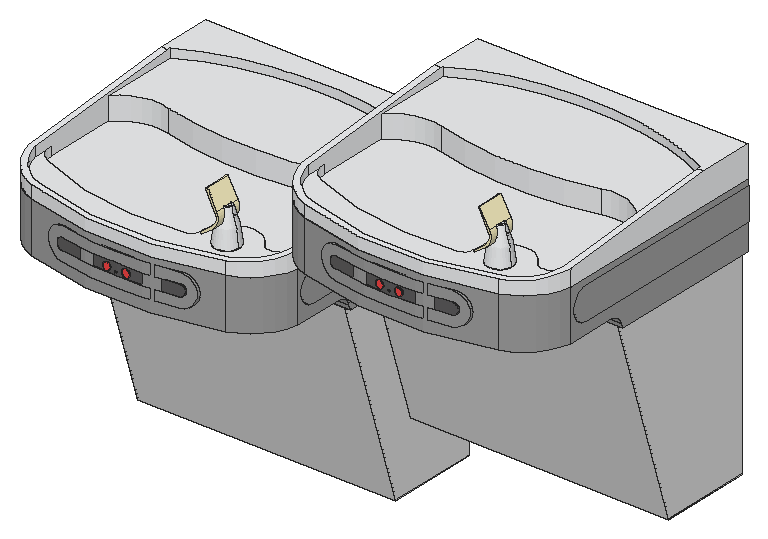
Revit family "Dual_Hands-free_Activation_Bi-level_ADA_Cooler-Elkay-LZOOSTL8LC", category Plumbing Fixtures, Revit 2022
Family settings
  Round Connector Dimension = Use Diameter
  Part Type = Normal
  OmniClass Number = 23.65.70.14.11
  OmniClass Title = Drinking Fountains/Coolers
  Work Plane-Based = No
  Always vertical = Yes
  Cut with Voids When Loaded = No
  Maintain Annotation Orientation = No
  Shared = No
  Room Calculation Point = No
Parameters (values of type "LZOOSTL8LC  (Dual Hands-free Activation Wall Mount Bi-level ADA Cooler)")
  sensor button = 0.000"
  Waste Connection = no
  Voltage = 115 V
  URL = "https://www.elkay.com/us/en.html"
  Right Hand masking region = yes
  Right Hand Version_Fine Detail = yes
  Repair Parts URL = "https://www.elkayfiles.com/care-cleaning-install-warranty-sheets/1000005928.pdf"
  Product data URL = "https://bimobject.com/elkay/product/Lzoostl8lc"
  Product Weight (lbs) = 63
  Product Page URL = "https://www.elkay.com/products/details/lzoostl8lc"
  Product Installation Sheet URL = "https://www.elkayfiles.com/care-cleaning-install-warranty-sheets/1000005928.pdf"
  Product Documentation Link = "https://www.elkayfiles.com/spec-sheets/lzoostl8lc_spec.pdf"
  Power Factor = 1
  Outlet Connection Size (inch) = "1.5"
  Number of Poles = 1
  Mounting Type = "Wall Mount (On Wall)"
  Modified Date = ""
  Model = "LZOOSTL8LC"
  Material_Wrapper = Finish-Elkay-Light Gray(1)
  Material_Shroud = Finish-Elkay-Light Gray
  Masking Arc Radius = 21.000"
  Masking A2 = 21.01042"
  Masking A1 = 21.44354"
  Manufacturer Brand = "Elkay (by Zurn Elkay Water Solutions)"  # constant formula
  Manufacturer = "Elkay Manufacturer Company"  # constant formula
  Main Material = Finish-Elkay-Steel
  Right Hand Version = yes
  Installation Location = "Indoor"
  Inlet Connection Size (inch) = 0.375"
  Electrical connection distance from center = 0.000"
  Dimensions (L x W x H) = "\"36 3/4 inch x 19 inch x 25 5/16 inch\""
  Description = "Dual Hands-free Activation Bi-level ADA Cooler Filtered Refrigerated Light Gray"
  Default Elevation = 0.000"
  Date Created = "12/20/2025"  # constant formula
  Current = 0 A
  Connector Supply A = 0.375"
  Connector Outlet B = 1.500"
  Chilling Capacity(GPH) = 8
  CW Connection = no
  Assembly Code = "D2010.60"
  Approx. Shipping Weight (lbs) = 74
  Activation Method = "Electronic Sensor Bubbler"
Reference planes (in)
  plane 1 "Center (Front/Back)": y = 0
  plane 2: z = 0
  plane 3 "Center (Left/Right)": x = 0
  plane 4: z = 13.72819
  plane 5: z = 20.28134
  plane 6: y = -16.15
  plane 7: x = -3.875
  plane 8: z = 18.72819
  plane 9: y = -3.50315
  plane 10: y = -7.23664
  plane 11: x = -8.79
  plane 12: z = 9.375
  plane 13: z = 6.5
  plane 14: x = -2
  plane 15: z = 4.9375
  plane 16: x = -4.4822
  plane 17: x = -9.79
  plane 18: x = -22.16331
  plane 19: y = 0
  plane 20: y = -0.11259
  plane 21: y = -17.38175
  plane 22: x = -18.41437
  plane 23 "Center L/X": z = -12.5
  plane 24 "Center L/Y": z = 24.31
  plane 25 "Center L/Z": z = 25.64699
  plane 26: x = -18.58
  plane 27: x = 9.2126
  plane 28: x = -27.7926
  plane 29: z = 10.43
  plane 30: x = -17.71
  plane 31: y = -16.0315
  plane 32: x = 5.08484
  plane 33: y = -15.67829
  plane 34: x = -13.4755
  plane 35: y = -6.24243
  plane 36: x = -27.37
  plane 37: x = 9.79
  plane 38: z = 5.40502
  plane 39: x = 18.58
  plane 40: x = 12.83
  plane 41: z = 4.9375
  plane 42: x = -3.07087
  plane 43: x = 0.875
  plane 44: x = 0.875
Forms (in)
  Extrusion 1, solid, material "Finish-Elkay-Tansparent-Glass"
    sketch origin (0, 0, 0) x (1, 0, 0) y (0, 0, 1)
      loop
        circle (-3.875, 9.375) r 0.75
    from 0.03937 to 0
  Extrusion 2, solid, material "Finish-Elkay-Tansparent-Glass"
    sketch origin (0, 0, 0) x (1, 0, 0) y (0, 0, 1)
      loop
        circle (-2, 6.5) r 0.1875
    from 0 to 0.03937
  Extrusion 3, solid, material "Finish-Elkay-Tansparent-Glass"
    sketch origin (0, 0, 0) x (1, 0, 0) y (0, 0, 1)
      loop
        circle (0.875, 4.9375) r 0.25
    from 0 to 0.03937
Lines and regions (in)
  Masking region 1, visible <- "Right Hand masking region"
    outline origin (18.58, 0, 0) x (1, 0, 0) y (0, 1, 0)
      loop
        line (9.2126, 0) -> (-27.7926, 0) -> (-27.7926, -17.42265)
        arc (-27.7926, -17.42265) -> (-18.7867, -19.42804) -> (-9.79, -17.38175) r 21.01042
        line (-9.79, -17.38175) -> (-8.6804, -17.38175)
        arc (-8.6804, -17.38175) -> (0.29165, -19.22051) -> (9.2126, -17.14799) r 21.44354
        line (9.2126, -17.14799) -> (9.2126, 0)
  Masking region 2, visible <- "Right Hand masking region", detail levels fine
    outline origin (18.58781, 0, 0) x (1, 0, 0) y (0, 1, 0)
      loop
        circle (-13.4755, -16.0315) r 0.83191
      loop
        circle (5.11609, -16.02985) r 0.832
      loop
        line (-9.37521, 0) -> (-9.37521, -17.38175) -> (-9.22041, -17.38175) -> (-9.22041, 0) -> (-9.37521, 0)
  Masking region 3, visible <- "Right Hand Version_Fine Detail", detail levels fine
    outline origin (18.58, 0, 0) x (1, 0, 0) y (0, 1, 0)
      loop
        line (-27.7926, 0) -> (-27.7926, -9.44898)
        arc (-27.7926, -9.44898) -> (-26.17809, -8.00388) -> (-24.01597, -7.86163) r 3.32209
        spline (-24.01597, -7.86163) -> (-23.16803, -8.07073) -> (-22.28867, -8.2438) -> (-21.38393, -8.37965) -> (-20.45999, -8.47735) -> (-19.52318, -8.53622) -> (-18.57992, -8.55588) -> (-17.63667, -8.53618) -> (-16.69987, -8.47726) -> (-15.77595, -8.37952) -> (-14.87123, -8.24364) -> (-13.99191, -8.07053) -> (-13.14399, -7.86139)
        arc (-13.14399, -7.86139) -> (-10.98209, -8.00337) -> (-9.3674, -9.44793) r 3.32235
        line (-9.3674, -9.44793) -> (-9.3674, 0) -> (-27.7926, 0)
      loop
        line (-9.2126, 0) -> (-9.2126, -9.44898)
        arc (-9.2126, -9.44898) -> (-7.59809, -8.00388) -> (-5.43597, -7.86163) r 3.32209
        spline (-5.43597, -7.86163) -> (-4.58803, -8.07073) -> (-3.70867, -8.2438) -> (-2.80393, -8.37965) -> (-1.87999, -8.47735) -> (-0.94318, -8.53622) -> (0.00008, -8.55588) -> (0.94333, -8.53618) -> (1.88013, -8.47726) -> (2.80405, -8.37952) -> (3.70877, -8.24364) -> (4.58809, -8.07053) -> (5.43601, -7.86139)
        arc (5.43601, -7.86139) -> (7.59791, -8.00337) -> (9.2126, -9.44793) r 3.32235
        line (9.2126, -9.44793) -> (9.2126, 0) -> (-9.2126, 0)
Dimensions and locks (in)
  locked: plane 4 to plane 2 at 13.72819
  locked: plane 5 to plane 4 at 6.55315
  locked: plane 6 to plane 1 "Center (Front/Back)" at 16.15
  locked: plane 7 to plane 3 "Center (Left/Right)" at 3.875
  locked: plane 5 to plane 8 at 1.55315
  locked: plane 9 to plane 1 "Center (Front/Back)" at 3.50315
  locked: plane 9 to plane 10 at 3.73349
  locked: plane 11 to plane 3 "Center (Left/Right)" at 8.79
  locked: plane 12 to plane 2 at 9.375
  locked: plane 13 to plane 2 at 6.5
  locked: plane 3 "Center (Left/Right)" to plane 14 at 2
  locked: plane 3 "Center (Left/Right)" to plane 16 at 4.4822
  locked: plane 15 to plane 2 at 4.9375
  locked: plane 17 to plane 11 at 1
  locked: plane 19 to plane 20 at 0.11259
  locked: plane 3 "Center (Left/Right)" to plane 22 at 18.41437
  locked: level to plane 23 "Center L/X" at 12.5
  locked: plane 24 "Center L/Y" to plane 23 "Center L/X" at 36.81
  locked: plane 25 "Center L/Z" to plane 24 "Center L/Y" at 1.33699
  locked: plane 19 to plane 9 at 3.50315
  locked: plane 11 to plane 27 at 18.0026
  locked: plane 28 to plane 18 at 5.62929
  locked: plane 28 to plane 14 at 25.7926
  locked: plane 28 to plane 26 at 9.2126
  plane 22 to plane 11 = 9.62437"
  plane 11 to plane 16 = 4.3078"
  locked: plane 29 to plane 23 "Center L/X" at 22.93
  locked: plane 30 to plane 26 at 0.87
  locked: plane 3 "Center (Left/Right)" to plane 32 at 5.08484
  locked: plane 10 to plane 33 at 8.44165
  locked: plane 34 to plane 17 at 3.6855
  locked: plane 1 "Center (Front/Back)" to plane 35 at 6.24243
  locked: plane 31 to plane 21 at 1.35026
  locked: plane 1 "Center (Front/Back)" to plane 21 at 17.38175
  plane 12 to plane 23 "Center L/X" = 21.875"
  plane 13 to plane 23 "Center L/X" = 19.000"
  locked: plane 37 to plane 3 "Center (Left/Right)" at 9.79
  locked: plane 1 "Center (Front/Back)" to Masking region 1 sketch curve
  locked: Masking region 1 sketch curve to plane 21
  locked: Masking region 1 sketch curve to plane 11 at 0.4226
  locked: Masking region 1 sketch curve to plane 3 "Center (Left/Right)" at 0.25443
  locked: Masking region 1 sketch curve to plane 27 at 0.4226
  locked: plane 37 to Masking region 1 sketch curve at 0.1096
  locked: Masking region 1 sketch curve to plane 1 "Center (Front/Back)" at 2.2212
  locked: Masking region 1 sketch curve to Masking region 1 sketch curve at 9.20107
  locked: Masking region 2 sketch curve to plane 31
  locked: plane 1 "Center (Front/Back)" to Masking region 2 sketch curve
  locked: Masking region 2 sketch curve to plane 27
  locked: Masking region 2 sketch curve to plane 21
  locked: plane 32 to Masking region 2 sketch curve at 0.02746
  locked: Masking region 2 sketch curve to Masking region 2 sketch curve at 0.1548
  locked: plane 31 to Masking region 2 sketch curve at 0.00164
  locked: plane 37 to Masking region 2 sketch curve at 13.91391
  locked: plane 1 "Center (Front/Back)" to Masking region 3 sketch curve  (x2)
  locked: Masking region 3 sketch curve to plane 27
  locked: plane 32 to Masking region 3 sketch curve at 1.22629
  locked: Masking region 3 sketch curve to plane 16 at 1.82866
  locked: Masking region 3 sketch curve to plane 11 at 0.4226
  locked: Masking region 3 sketch curve to Masking region 3 sketch curve at 0.1548
  locked: plane 37 to Masking region 3 sketch curve at 2.47914
  locked: Masking region 3 sketch curve to plane 10 at 3.82977  (x2)
  locked: Masking region 3 sketch curve to Masking region 3 sketch curve at 12.62199
  locked: Masking region 3 sketch curve to Masking region 3 sketch curve at 2.90147
  locked: Masking region 3 sketch curve to plane 10 at 3.82981  (x2)
  locked: Masking region 3 sketch curve to plane 10 at 2.21234  (x2)
  locked: Masking region 3 sketch curve to Masking region 3 sketch curve at 0.00105
  locked: Masking region 3 sketch curve to plane 10 at 2.21129
  locked: plane 32 to Masking region 3 sketch curve at 0.35116
  locked: Masking region 3 sketch curve to plane 3 "Center (Left/Right)" at 0.00042
  locked: Masking region 3 sketch curve to plane 10 at 0.62499  (x2)
  locked: plane 9 to Masking region 3 sketch curve at 0.6959  (x2)
  locked: Masking region 3 sketch curve to Masking region 3 sketch curve at 7.17021
  locked: Masking region 3 sketch curve to plane 10 at 0.62475
  locked: plane 41 to plane 23 "Center L/X" at 17.4375
  locked: plane 43 to plane 3 "Center (Left/Right)" at 0.875
  "Electrical connection distance from center": plane 43 to plane 44
  "Connector Outlet B": diameter of Extrusion 1 sketch curve
  "Connector Supply A": diameter of Extrusion 2 sketch curve
  "Masking A2": radius of Masking region 1 sketch curve
  "Masking A1": radius of Masking region 1 sketch curve
  aligned and locked: level to plane 2
  aligned and locked: plane 7 to Extrusion 1 sketch curve
  aligned and locked: plane 12 to Extrusion 1 sketch curve
  aligned and locked: Extrusion 1 to plane 1 "Center (Front/Back)"
  aligned and locked: plane 14 to Extrusion 2 sketch curve
  aligned and locked: plane 13 to Extrusion 2 sketch curve
  aligned and locked: Extrusion 2 to plane 1 "Center (Front/Back)"
  aligned and locked: nested 1 to plane 5
  aligned and locked: plane 41 to Extrusion 3 sketch curve
  aligned and locked: Extrusion 3 to Extrusion 1
  aligned and locked: Extrusion 2 to Extrusion 3
  aligned and locked: plane 44 to Extrusion 3 sketch curve
  aligned and locked: nested 2 to plane 39
  aligned and locked: nested 2 to plane 38
  aligned and locked: plane 3 "Center (Left/Right)" to nested 1
  aligned and locked: plane 1 "Center (Front/Back)" to nested 1
  aligned and locked: plane 1 "Center (Front/Back)" to nested 2
Automatic sketch dimensions
  radius of Masking region 2 sketch curve = 0.83191"
  radius of Masking region 2 sketch curve = 0.832"
  radius of Extrusion 3 sketch curve = 0.250"
Nested families (in)
  nested 1: "sensor cooler" at (0, 0, 13.8778), type "sensor cooler"
    with sensor buttons yes, Material_Wrapper Finish-Elkay-Light Gray1, Material_Bubbler Finish-Elkay-Tan, Material_Basin Finish-Elkay-Light Gray, Main Material Finish-Elkay-Light Gray
  nested 2: "High Right ADA Cooler" at (18.58, 0, 19.28282), visible <- "Right Hand Version", Right Hand High side model <- "Right Hand Version", type "High Right ADA Cooler"
    with Right Hand High side model yes, Material_Wrapper Finish-Elkay-Light Gray1, Material_Bubbler Finish-Elkay-Tan, Material_Basin Finish-Elkay-Light Gray, Main Material Finish-Elkay-Light Gray
Connectors (in)
  piping at (-3.875, 0, 9.375), diameter 1.5, driven by "Connector Outlet B", driven by "Waste Connection"
    settings: on Extrusion 1, index 1, connector inside diameter 24", connector length 0.000", flow factor 0, pipe flow 0 GPM, pressure drop 0.00 psi, fitting loss kfactor 0, connector angle 0.00°, fixture units 0, engagement length 0.000", angle of deflection 0.00°, flow configuration 0, flow direction 2, fitting loss method 0, system type 16, joint type 0, gender type 0, connector reference index -1, connector utility 0, adjustable connector no, is connector primary yes, connector description "Sanitary Outlet"
  piping at (-2, -0.03937, 6.5), diameter 0.375, driven by "Connector Supply A", driven by "CW Connection"
    settings: on Extrusion 2, index 2, connector inside diameter 24", connector length 0.000", flow factor 0, pipe flow 0 GPM, pressure drop 0.00 psi, fitting loss kfactor 0, connector angle 0.00°, fixture units 0, engagement length 0.000", angle of deflection 0.00°, flow configuration 0, flow direction 1, fitting loss method 0, system type 20, joint type 0, gender type 0, connector reference index -1, connector utility 0, adjustable connector no, is connector primary no, connector description "Water Supply"
  electrical at (0.875, -0.03937, 4.9375)
    settings: on Extrusion 3, index 3, voltage 115 V, apparent load 0 VA, apparent load phase1 0 VA, apparent load phase2 0 VA, apparent load phase3 0 VA, power factor 1, load classification "Power", number of poles 1, system type 30, power factor state 1, is connector primary yes, connector utility no, sub classification motor no, connector description "GFCI Receptacle"
Definition of nested family "sensor cooler"
  Parameters (values of type "sensor cooler")
    sensor buttons [instance] = yes
    Side Panel Radius = 1.10236"
    Sensor Button = none
    Repair Parts URL = ""
    Product data URL = ""
    Product Page URL = ""
    Product Installation Sheet URL = ""
    Product Documentation Link = ""
    Modified Date = ""
    Material_Wrapper [instance] = none
    Material_Bubbler [instance] = none
    Material_Basin [instance] = none
    Manufacturer Brand = ""
    Main Material [instance] = none
    Front Cut = 21.48291"
    Flow Rate (GPM) = 0 GPM
    Default Elevation = 0.000"
    Date Created = ""
    B1 = 0.98425"
    Angle1 = 107.585°
    A2 = 3.79892"
    A1 = 3.84199"
  Reference planes (in)
    plane 1 "Center (Front/Back)": y = 0
    plane 2: z = -0.14961
    plane 3 "Center (Left/Right)": x = 0
    plane 4: x = -9.17323
    plane 5: z = 4.2874
    plane 6: z = 0.85039
    plane 7: y = -19.01181
    plane 8: y = -15.0315
    plane 9: x = -9.2126
    plane 10: x = 9.2126
    plane 11: z = 1.66142
    plane 12: z = 3.86614
    plane 13: y = -14.84252
    plane 14: y = -13.73622
    plane 15: y = -19.09449
    plane 16: x = 3.96654
    plane 17: x = -3.96654
    plane 18: x = 9.17323
    plane 19: z = 6.40354
    plane 20: y = -3.70945
    plane 21 "Top": z = 12.23412
    plane 22: x = -8.74016
    plane 23: x = 8.74016
    plane 24: x = -3.07087
    plane 25: x = 3.07087
    plane 26: y = -6.23543
    plane 27: y = -16.0315
    plane 28: x = 5.0126
    plane 29: z = 2.76378
  Forms (in)
    Extrusion 1, solid, material <- "Material_Basin", detail levels fine
      sketch origin (0, 0, -0.14961) x (1, 0, 0) y (0, 1, 0)
        loop
          line (-9.17323, 0) -> (-9.17323, -15.0315)
          arc (-9.17323, -15.0315) -> (-8.28065, -16.86236) -> (-6.57758, -17.97965) r 3.84199
          arc (-6.57758, -17.97965) -> (0.01153, -19.01709) -> (6.60064, -17.97965) r 21.44354
          arc (6.60064, -17.97965) -> (8.29568, -16.86225) -> (9.17323, -15.0315) r 3.79892
          line (9.17323, -15.0315) -> (9.17323, 0) -> (-9.17323, 0)
      from 0 to 4.43701
    Extrusion 2, void
      sketch origin (0, 0, 0) x (0, -1, 0) y (0, 0, 1)
        loop
          line (20.07874, 0.85039) -> (11.63092, 0.85039)
          arc (11.63092, 0.85039) -> (11.04951, 0.66032) -> (10.69266, 0.16351) r 0.98425
          line (10.69266, 0.16351) -> (10.21909, -1.33071) -> (20.07874, -1.33071) -> (20.07874, 0.85039)
      from -9.2126 to 9.2126
    Extrusion 3, solid, material <- "Material_Basin", detail levels fine
      sketch origin (9.2126, 10.98215, 48) x (0, 1, 0) y (0, 0, 1)
        loop
          arc (-24.71837, -44.13386) -> (-25.82074, -45.23622) -> (-24.71837, -46.33858) r 1.10236
          line (-24.71837, -46.33858) -> (-10.98215, -46.33858) -> (-10.98215, -44.13386) -> (-24.71837, -44.13386)
      from 0 to -0.03937
    Extrusion 4, solid, material <- "Material_Basin", detail levels fine
      sketch origin (-9.14433, 10.98215, 48) x (0, 1, 0) y (0, 0, -1)
        loop
          line (-24.71837, 44.13386) -> (-10.98215, 44.13386) -> (-10.98215, 46.33858) -> (-24.71837, 46.33858)
          arc (-24.71837, 46.33858) -> (-25.82074, 45.23622) -> (-24.71837, 44.13386) r 1.10236
      from 0.06827 to 0.0289
    Extrusion 5, solid, material <- "Material_Basin", detail levels fine
      sketch origin (-18.25014, -19.09449, 48) x (-1, 0, 0) y (0, 0, 1)
        loop
          line (-14.28361, -44.13386) -> (-22.21668, -44.13386)
          arc (-22.21668, -44.13386) -> (-23.31904, -45.23622) -> (-22.21668, -46.33858) r 1.10236
          line (-22.21668, -46.33858) -> (-14.28361, -46.33858)
          arc (-14.28361, -46.33858) -> (-13.18124, -45.23622) -> (-14.28361, -44.13386) r 1.10236
        loop
          circle (-17.59264, -45.23622) r 0.26
        loop
          circle (-18.88264, -45.23622) r 0.26
        loop
          circle (-18.25014, -45.38622) r 0.09
        loop
          line (-14.28361, -44.83622) -> (-22.21668, -44.83622)
          arc (-22.21668, -44.83622) -> (-22.61668, -45.23622) -> (-22.21668, -45.63622) r 0.4
          line (-22.21668, -45.63622) -> (-14.28361, -45.63622)
          arc (-14.28361, -45.63622) -> (-13.88361, -45.23622) -> (-14.28361, -44.83622) r 0.4
      from 0 to 4.06299
    Extrusion 6, void
      sketch origin (0, 0, -0.14961) x (0, 1, 0) y (1, 0, 0)
        loop
          arc (-16.96151, -9.2126) -> (-19.04297, -0.00132) -> (-16.97322, 9.2126) r 21.48291
          line (-16.97322, 9.2126) -> (-19.09449, 9.2126) -> (-19.09449, -9.2126) -> (-16.96151, -9.2126)
      from -4.43701 to 0
    Extrusion 7, solid, detail levels fine
      sketch origin (0, -20.5709, 6.40354) x (0, -1, 0) y (1, 0, 0)
        loop
          line (-20.5709, 9.17323) -> (-20.5709, -9.17323) -> (-5.53941, -9.17323)
          arc (-5.53941, -9.17323) -> (-3.70854, -8.28065) -> (-2.59125, -6.57758) r 3.84199
          arc (-2.59125, -6.57758) -> (-1.55381, 0.01153) -> (-2.59125, 6.60064) r 21.44354
          arc (-2.59125, 6.60064) -> (-3.70865, 8.29568) -> (-5.53941, 9.17323) r 3.79892
          line (-5.53941, 9.17323) -> (-20.5709, 9.17323)
      from -2.11614 to 0
    Extrusion 8, void
      sketch origin (0, 0, 0) x (0, -1, 0) y (0, 0, 1)
        loop
          line (19.09449, 6.40354) -> (3.70945, 6.40354) -> (19.09449, 5.05753) -> (19.09449, 6.40354)
      from -9.2126 to 9.2126
    Sweep 9, void
      path origin (0.72234, 0, 2.88484) x (1, 0, 0) y (0, 0, 1)
        loop
          line (0, 3.5187) -> (0, 1.40256)
      profile origin (0.72234, 0, 5.34547) x (0, -1, 0) y (1, 0, 0)
        loop
          line (3.54162, -9.46243) -> (15.03152, -9.46243)
          arc (15.03152, -9.46243) -> (16.63229, -8.66494) -> (17.60903, -7.16679) r 3.40891
          arc (17.60903, -7.16679) -> (18.62552, -0.71072) -> (17.60902, 5.74535) r 21.01049
          arc (17.60902, 5.74535) -> (16.63295, 7.23493) -> (15.03344, 8.01798) r 3.36592
          line (15.03344, 8.01798) -> (3.54233, 8.01798)
          spline (3.54233, 8.01798) -> (2.94302, 6.86286) -> (2.4344, 5.54756) -> (2.0272, 4.09986) -> (1.73002, 2.55033) -> (1.54913, 0.93169) -> (1.48837, -0.72189) -> (1.549, -2.3755) -> (1.72975, -3.9942) -> (2.0268, -5.54383) -> (2.43388, -6.99166) -> (2.9424, -8.30712) -> (3.54162, -9.46243)
    Sweep 10, solid, detail levels fine
      path origin (0, 0, 0) x (1, 0, 0) y (0, 0, 1)
        loop
          line (0, 5.83465) -> (0, 3.86614)
      profile origin (0, 0, 4.85039) x (0, -1, 0) y (1, 0, 0)
        loop
          spline (3.54528, 8.74053) -> (2.94603, 7.5856) -> (2.43742, 6.27045) -> (2.0302, 4.82285) -> (1.73298, 3.27338) -> (1.55202, 1.65475) -> (1.49116, 0.00115) -> (1.55167, -1.6525) -> (1.73227, -3.27128) -> (2.02916, -4.821) -> (2.43607, -6.26895) -> (2.94439, -7.58453) -> (3.5434, -8.73997)
          line (3.5434, -8.73997) -> (8.80024, -8.73997)
          arc (8.80024, -8.73997) -> (7.87079, -7.21863) -> (7.86166, -5.43585) r 3.32209
          spline (7.86166, -5.43585) -> (8.07076, -4.58792) -> (8.24381, -3.70859) -> (8.37965, -2.80387) -> (8.47735, -1.87996) -> (8.53622, -0.94318) -> (8.55588, 0.00005) -> (8.53618, 0.94328) -> (8.47727, 1.88005) -> (8.37954, 2.80395) -> (8.24366, 3.70865) -> (8.07056, 4.58795) -> (7.86144, 5.43585)
          arc (7.86144, 5.43585) -> (7.87049, 7.21894) -> (8.80014, 8.74053) r 3.32235
          line (8.80014, 8.74053) -> (3.54528, 8.74053)
    Sweep 11, solid, detail levels fine
      path origin (0, 0, 0) x (1, 0, 0) y (0, 0, 1)
        loop
          line (0, 3.86614) -> (0, 4.85039)
      profile origin (0, 0, 4.35827) x (-1, 0, 0) y (0, -1, 0)
        loop
          arc (8.73697, 13.65465) -> (8.33521, 16.04662) -> (6.44385, 17.56507) r 3.40678
          arc (6.44385, 17.56507) -> (-0.0091, 18.58086) -> (-6.46209, 17.5654) r 21.00795
          arc (-6.46209, 17.5654) -> (-8.31956, 16.08273) -> (-8.73149, 13.74205) r 3.36021
          arc (-8.73149, 13.74205) -> (-8.4983, 14.52263) -> (-7.87516, 15.04739) r 1.42305
          arc (-7.87516, 15.04739) -> (-7.72264, 15.11543) -> (-7.56953, 15.18212) r 18.80058
          arc (-7.56953, 15.18212) -> (-7.15088, 15.20041) -> (-6.82549, 14.93634) r 0.59055
          arc (-6.82549, 14.93634) -> (-4.63653, 14.04805) -> (-3.22875, 15.9451) r 1.92913
          arc (-3.22875, 15.9451) -> (-3.08834, 16.33964) -> (-2.72163, 16.54187) r 0.59055
          arc (-2.72163, 16.54187) -> (2.68754, 16.54148) -> (7.8811, 15.02955) r 19.1631
          arc (7.8811, 15.02955) -> (8.5176, 14.47192) -> (8.73697, 13.65465) r 1.45741
    Extrusion 12, solid, detail levels coarse+medium
      sketch origin (0, -20.5709, 6.40354) x (0, -1, 0) y (1, 0, 0)
        loop
          line (-20.5709, -9.2126) -> (-5.53941, -9.2126)
          arc (-5.53941, -9.2126) -> (-3.67109, -8.31334) -> (-2.52057, -6.58836) r 3.92954
          arc (-2.52057, -6.58836) -> (-1.45319, 0) -> (-2.52057, 6.58836) r 20.86692
          arc (-2.52057, 6.58836) -> (-3.67109, 8.31334) -> (-5.53941, 9.2126) r 3.92954
          line (-5.53941, 9.2126) -> (-20.5709, 9.2126) -> (-20.5709, -9.2126)
      from -6.55315 to 0
    Extrusion 13, solid, visible <- "sensor buttons"
      sketch origin (0.00765, -1.46482, 0.01326) x (1, 0, 0) y (0, 0, 1)
        loop
          arc (-3.97419, 3.15052) -> (-4.37419, 2.75052) -> (-3.97419, 2.35052) r 0.4
          line (-3.97419, 2.35052) -> (3.95889, 2.35052)
          arc (3.95889, 2.35052) -> (4.35889, 2.75052) -> (3.95889, 3.15052) r 0.4
          line (3.95889, 3.15052) -> (-3.97419, 3.15052)
        loop
          circle (-0.66516, 2.75052) r 0.26
        loop
          circle (0.62484, 2.75052) r 0.26
        loop
          circle (-0.00765, 2.60052) r 0.09
      from 16.98435 to 17.62967
    Extrusion 14, solid, visible <- "sensor buttons"
      sketch origin (0, 0, 0) x (1, 0, 0) y (0, 0, 1)
        loop
          circle (-0.65751, 2.76378) r 0.26
        loop
          circle (0.63249, 2.76378) r 0.26
        loop
          circle (0, 2.61378) r 0.09
      from 15.0315 to 19.04262
    Extrusion 15, solid
      sketch origin (0, 0, 0) x (1, 0, 0) y (0, 0, 1)
        loop
          circle (0, 2.61378) r 0.09
      from 15.0315 to 19.04464
  Cuts and joins
    Extrusion 2 cuts Extrusion 1
    Extrusion 6 cuts Extrusion 5
    Extrusion 8, Sweep 9 cuts Extrusion 7
    Extrusion 6 cuts Extrusion 13
    Extrusion 8 cuts Extrusion 15
  Dimensions and locks (in)
    locked: plane 5 to plane 2 at 4.43701
    locked: plane 6 to plane 2 at 1
    locked: plane 7 to plane 1 "Center (Front/Back)" at 19.01181
    locked: plane 8 to plane 1 "Center (Front/Back)" at 15.0315
    locked: Extrusion 2 sketch curve to plane 7 at 1.06693
    locked: Extrusion 2 sketch curve to plane 2 at 1
    locked: plane 2 to Extrusion 2 sketch curve at 1.1811
    locked: plane 9 to plane 4 at 0.03937
    locked: plane 11 to plane 2 at 1.81102
    locked: plane 12 to plane 11 at 2.20472
    locked: plane 14 to plane 1 "Center (Front/Back)" at 13.73622
    locked: plane 13 to plane 1 "Center (Front/Back)" at 14.84252
    locked: plane 12 to Extrusion 4 sketch curve at 1.10236
    locked: plane 12 to Extrusion 3 sketch curve at 1.10236
    locked: plane 15 to plane 1 "Center (Front/Back)" at 19.09449
    equal spacing: plane 16, plane 3 "Center (Left/Right)", plane 17, locked at 3.96654 each
    locked: plane 16 to plane 17 at 7.93307
    plane 3 "Center (Left/Right)" to plane 17 = 3.96654"
    locked: plane 9 to plane 10 at 18.4252
    equal spacing: plane 9, plane 3 "Center (Left/Right)", plane 10, locked at 9.2126 each
    plane 9 to plane 3 "Center (Left/Right)" = 9.2126"
    locked: plane 18 to plane 10 at 0.03937
    locked: plane 8 to Extrusion 6 sketch curve at 1.93001
    locked: plane 8 to Extrusion 6 sketch curve at 1.94172
    locked: plane 19 to plane 5 at 2.11614
    locked: plane 20 to plane 1 "Center (Front/Back)" at 3.70945
    locked: plane 21 "Top" to plane 19 at 5.83057
    locked: plane 9 to plane 22 at 0.47244
    locked: plane 23 to plane 10 at 0.47244
    locked: plane 9 to plane 24 at 6.14173
    locked: plane 25 to plane 10 at 6.14173
    locked: plane 26 to plane 1 "Center (Front/Back)" at 6.23543
    locked: plane 19 to Sweep 10 sketch curve at 0.5689
    locked: Sweep 11 sketch curve to plane 19 at 1.55315
    locked: plane 19 to Extrusion 8 sketch curve at 1.34602
    locked: plane 7 to Extrusion 2 sketch curve at 8.79272
    locked: plane 27 to plane 15 at 3.06299
    locked: plane 28 to plane 10 at 4.2
    locked: plane 29 to plane 11 at 1.10236
    locked: Extrusion 13 sketch curve to plane 3 "Center (Left/Right)" at 0.63249
    locked: Extrusion 13 sketch curve to Extrusion 13 sketch curve at 1.29
    locked: plane 29 to Extrusion 13 sketch curve at 0.15
    "B1": radius of Extrusion 2 sketch curve
    "Side Panel Radius": radius of Extrusion 3 sketch curve
    "Side Panel Radius": radius of Extrusion 4 sketch curve
    "Side Panel Radius": radius of Extrusion 5 sketch curve  (x2)
    "Front Cut": radius of Extrusion 6 sketch curve
    "A1": radius of Extrusion 1 sketch curve
    "A2": radius of Extrusion 1 sketch curve
    aligned and locked: plane 2 to level
    aligned and locked: Extrusion 1 sketch curve to plane 1 "Center (Front/Back)"
    aligned and locked: plane 8 to Extrusion 1 sketch curve  (x2)
    aligned and locked: plane 5 to Extrusion 1
    aligned and locked: Extrusion 1 to level
    aligned and locked: Extrusion 3 sketch curve to plane 1 "Center (Front/Back)"
    aligned and locked: plane 14 to Extrusion 3 sketch curve
    aligned and locked: Extrusion 3 to plane 10
    aligned and locked: Extrusion 4 to plane 9
    aligned and locked: plane 4 to Extrusion 4
    aligned and locked: Extrusion 5 sketch curve to plane 12
    aligned and locked: plane 11 to Extrusion 5 sketch curve
    aligned and locked: plane 8 to Extrusion 5
    aligned and locked: plane 5 to Extrusion 6
    aligned and locked: Extrusion 6 to plane 2
    aligned and locked: Extrusion 1 sketch curve to plane 4
    aligned and locked: Extrusion 1 sketch curve to plane 18
    aligned and locked: Extrusion 2 to plane 9
    aligned and locked: plane 10 to Extrusion 2
    aligned and locked: Extrusion 3 to cut or joined group of Extrusion 1, Extrusion 2
    aligned and locked: Extrusion 6 to plane 9
    aligned and locked: Extrusion 6 to plane 15
    aligned and locked: plane 10 to Extrusion 6
    aligned and locked: Extrusion 7 sketch curve to plane 18
    aligned and locked: Extrusion 7 sketch curve to plane 4
    aligned and locked: Extrusion 7 sketch curve to cut or joined group of Extrusion 1, Extrusion 2  (x2)
    aligned and locked: Extrusion 7 sketch curve to plane 1 "Center (Front/Back)"
    aligned and locked: Extrusion 7 to plane 5
    aligned and locked: plane 19 to Extrusion 7
    aligned and locked: Extrusion 8 to plane 9
    aligned and locked: plane 10 to Extrusion 8
    aligned and locked: Extrusion 7 to cut or joined group of Extrusion 1, Extrusion 2
    aligned and locked: plane 19 to Sweep 9 sketch curve
    aligned and locked: plane 5 to Sweep 9 sketch curve
    aligned and locked: plane 12 to Sweep 10 sketch curve
    aligned and locked: plane 12 to Sweep 11 sketch curve
    aligned and locked: Extrusion 8 sketch curve to plane 15
    aligned and locked: Extrusion 8 sketch curve to plane 19
    aligned and locked: Extrusion 12 sketch curve to plane 1 "Center (Front/Back)"
    aligned and locked: Extrusion 12 to plane 2
    aligned and locked: plane 19 to Extrusion 12
    aligned and locked: Extrusion 12 sketch curve to plane 10
    aligned and locked: Extrusion 12 to plane 9
    aligned and locked: Extrusion 4 to plane 1 "Center (Front/Back)"
    aligned and locked: nested 1 to plane 28
    aligned and locked: nested 1 to plane 27
    aligned and locked: Sweep 11 to nested 1
    aligned and locked: plane 1 "Center (Front/Back)" to nested 2
    aligned and locked: plane 3 "Center (Left/Right)" to nested 2
    aligned and locked: level to nested 2
    aligned and locked: cut or joined group of Extrusion 5, Extrusion 6 to plane 15
    aligned and locked: plane 17 to Extrusion 13 sketch curve
    aligned and locked: plane 29 to Extrusion 13 sketch curve  (x4)
    aligned and locked: plane 16 to Extrusion 13 sketch curve
    aligned and locked: plane 3 "Center (Left/Right)" to Extrusion 13 sketch curve
    aligned and locked: Extrusion 5 sketch curve to cut or joined group of Extrusion 6, Extrusion 13  (x6)
    aligned and locked: Extrusion 14 sketch curve to cut or joined group of Extrusion 6, Extrusion 13  (x3)
    aligned and locked: cut or joined group of Extrusion 1, Extrusion 2 to Extrusion 14
    aligned and locked: cut or joined group of Extrusion 5, Extrusion 6 to Extrusion 14
    aligned and locked: Extrusion 15 sketch curve to cut or joined group of Extrusion 6, Extrusion 13
    aligned and locked: cut or joined group of Extrusion 1, Extrusion 2 to Extrusion 15
    aligned and locked: Extrusion 15 to cut or joined group of Extrusion 5, Extrusion 6
  Automatic sketch dimensions
    Extrusion 5 sketch curve to plane 16 = 0.000"  (x2)
    level to Extrusion 2 sketch curve = 0.31312"
    Extrusion 3 sketch curve to plane 1 "Center (Front/Back)" = 0.000"
    Extrusion 4 sketch curve to plane 14 = 0.000"
    Extrusion 4 sketch curve to plane 1 "Center (Front/Back)" = 0.000"
    Extrusion 6 sketch curve to plane 9 = 0.000"
    Extrusion 6 sketch curve to plane 15 = 0.000"
    plane 10 to Extrusion 6 sketch curve = 0.000"
    Extrusion 7 sketch curve to plane 8 = 0.000"
    plane 13 to Extrusion 7 sketch curve = 0.51898"
    Extrusion 7 sketch curve to Extrusion 7 sketch curve = 0.000"
    Extrusion 1 sketch curve to plane 8 = 0.000"
    plane 13 to Extrusion 1 sketch curve = 0.51898"
    plane 3 "Center (Left/Right)" to Extrusion 1 sketch curve = 0.01153"
    plane 13 to Extrusion 1 sketch curve = 0.47799"
    Extrusion 1 sketch curve to plane 1 "Center (Front/Back)" = 2.42645"
    Extrusion 1 sketch curve to Extrusion 1 sketch curve = 0.000"
    plane 3 "Center (Left/Right)" to Sweep 9 sketch curve = 0.72234"
    Sweep 10 sketch curve to plane 3 "Center (Left/Right)" = 0.000"
    Sweep 11 sketch curve to plane 3 "Center (Left/Right)" = 0.000"
    Sweep 11 sketch curve to Sweep 11 sketch curve = 1.90608"
    Sweep 11 sketch curve to Sweep 11 sketch curve = 0.02767"
    profile plane to Sweep 11 sketch curve = 0.13855"
    profile plane to Sweep 11 sketch curve = 0.01841"
    Sweep 11 sketch curve to Sweep 11 sketch curve = 0.00876"
    Sweep 11 sketch curve to profile plane = 5.39646"
    Sweep 11 sketch curve to Sweep 11 sketch curve = 1.88387"
    Sweep 11 sketch curve to Sweep 11 sketch curve = 0.62156"
    Sweep 11 sketch curve to plane 1 "Center (Front/Back)" = 2.08757"
    Sweep 11 sketch curve to Sweep 11 sketch curve = 0.33952"
    Sweep 11 sketch curve to Sweep 11 sketch curve = 0.00252"
    Sweep 11 sketch curve to Sweep 11 sketch curve = 0.000"  (x6)
    Sweep 11 sketch curve to Sweep 11 sketch curve = 0.51062"
    profile plane to Sweep 11 sketch curve = 2.63833"
    Sweep 11 sketch curve to Sweep 11 sketch curve = 2.51915"
    Sweep 11 sketch curve to Sweep 11 sketch curve = 0.27255"
    Sweep 11 sketch curve to Sweep 11 sketch curve = 1.30461"
    plane 1 "Center (Front/Back)" to Sweep 11 sketch curve = 13.70173"
    Sweep 11 sketch curve to Sweep 11 sketch curve = 0.58124"
    Sweep 11 sketch curve to Sweep 11 sketch curve = 0.62557"
    Sweep 11 sketch curve to Sweep 11 sketch curve = 0.89761"
    Sweep 11 sketch curve to Sweep 11 sketch curve = 1.5379"
    Sweep 11 sketch curve to Sweep 11 sketch curve = 0.05171"
    Sweep 11 sketch curve to Sweep 11 sketch curve = 1.43726"
    Extrusion 8 sketch curve to plane 20 = 0.000"
    profile plane to Sweep 9 sketch curve = 0.71073"
    Sweep 9 sketch curve to plane 1 "Center (Front/Back)" = 2.38498"
    plane 1 "Center (Front/Back)" to Sweep 9 sketch curve = 3.54162"
    Sweep 9 sketch curve to Sweep 9 sketch curve = 10.82342"
    Sweep 9 sketch curve to profile plane = 4.71107"
    Sweep 9 sketch curve to Sweep 9 sketch curve = 0.04091"
    Sweep 9 sketch curve to Sweep 9 sketch curve = 0.66649"
    Sweep 9 sketch curve to Sweep 9 sketch curve = 0.6275"
    profile plane to Sweep 9 sketch curve = 6.11931"
    Sweep 9 sketch curve to Sweep 9 sketch curve = 3.30691"
    plane 1 "Center (Front/Back)" to Sweep 9 sketch curve = 3.54233"
    profile plane to Sweep 9 sketch curve = 0.72282"
    plane 1 "Center (Front/Back)" to Sweep 9 sketch curve = 7.23769"
    Sweep 9 sketch curve to Sweep 9 sketch curve = 0.000"
    Sweep 9 sketch curve to Sweep 9 sketch curve = 2.66899"
    plane 1 "Center (Front/Back)" to Sweep 10 sketch curve = 3.5434"
    Sweep 10 sketch curve to Sweep 10 sketch curve = 5.25684"
    Sweep 10 sketch curve to Sweep 10 sketch curve = 2.26621"
    profile plane to Sweep 10 sketch curve = 8.73997"
    Sweep 10 sketch curve to Sweep 10 sketch curve = 2.42911"
    Sweep 10 sketch curve to profile plane = 6.31113"
    plane 1 "Center (Front/Back)" to Sweep 10 sketch curve = 2.80725"
    Sweep 10 sketch curve to Sweep 10 sketch curve = 0.73804"
    Sweep 10 sketch curve to Sweep 10 sketch curve = 4.43143"
    Sweep 10 sketch curve to Sweep 10 sketch curve = 3.20498"
    Sweep 10 sketch curve to Sweep 10 sketch curve = 3.20478"
    Sweep 10 sketch curve to Sweep 10 sketch curve = 1.56146"
    profile plane to Sweep 10 sketch curve = 0.00129"
    profile plane to Sweep 10 sketch curve = 0.00042"
    Sweep 10 sketch curve to Sweep 10 sketch curve = 0.87529"
    Sweep 10 sketch curve to Sweep 10 sketch curve = 2.66884"
    Extrusion 12 sketch curve to plane 3 "Center (Left/Right)" = 0.000"
    Extrusion 12 sketch curve to plane 8 = 0.000"  (x2)
    Extrusion 12 sketch curve to plane 9 = 0.000"
    plane 13 to Extrusion 12 sketch curve = 0.52072"  (x2)
    plane 28 to Extrusion 12 sketch curve = 0.33508"
    plane 7 to Extrusion 12 sketch curve = 0.96148"
    Extrusion 12 sketch curve to Extrusion 12 sketch curve = 0.000"  (x2)
    plane 29 to Extrusion 13 sketch curve = 0.400"
    Extrusion 5 sketch curve to Extrusion 5 sketch curve = 0.000"  (x7)
    Extrusion 5 sketch curve to plane 17 = 0.000"
    Extrusion 14 sketch curve to Extrusion 14 sketch curve = 0.000"  (x4)
    Extrusion 15 sketch curve to Extrusion 15 sketch curve = 0.000"  (x2)
    radius of Extrusion 13 sketch curve = 0.260"  (x2)
    radius of Extrusion 13 sketch curve = 0.090"
  Nested families (in)
    nested 1: "Soft side flexi bubbler" at (5.12522, -16.0315, 4.81028), type "Soft side flexi bubbler"
    nested 2: "Wrapper" at (0, 0, -0.14961), Main Material <- "Main Material", Material_Wrapper <- "Material_Wrapper", type "Wrapper"
      with Material_Wrapper none, Main Material none
  Definition of nested family "Soft side flexi bubbler"
    Parameters (values of type "Soft side flexi bubbler")
      Width = 1.73228"
      Repair Parts URL = ""
      R5 = 2.43553"
      R4 = 0.27768"
      R3 = 0.06515"
      R2 = 0.83542"
      R1 = 8.14279"
      Product data URL = ""
      Product Page URL = ""
      Product Installation Sheet URL = ""
      Product Documentation Link = ""
      Modified Date = ""
      Manufacturer Brand = ""
      Main Material = none
      Flow Rate (GPM) = 0 GPM
      Default Elevation = 0.000"
      Date Created = ""
      C1 = 0.70913"
      B3 = 0.02457"
      B2 = 0.84908"
      B1 = 0.70913"
    Reference planes (in)
      plane 1 "Center (Front/Back)": y = 0
      plane 2: z = 0
      plane 3 "Center (Left/Right)": x = 0
      plane 4: y = 0.86614
      plane 5: y = -0.86614
      plane 6: z = 2.43553
    Forms (in)
      Revolve 1, solid, material <- "Main Material", detail levels fine
        sketch origin (0, 0, 0) x (1, 0, 0) y (0, 0, 1)
          loop
            line (0, 0) -> (0.83542, 0) -> (0.83542, 0.04012)
            arc (0.83542, 0.04012) -> (0.67418, 1.23507) -> (0.33825, 2.39311) r 8.14279
            arc (0.33825, 2.39311) -> (0.31457, 2.42375) -> (0.27768, 2.43553) r 0.06515
            line (0.27768, 2.43553) -> (0, 2.43553) -> (0, 0)
          axis (0, 2.43553) -> (0, 0)
        angle from 0 to 360
      Extrusion 2, solid
        sketch origin (0, 0, 0) x (1, 0, 0) y (0, 0, 1)
          loop
            line (-0.76217, 3.49537) -> (-0.10679, 2.26207)
            arc (-0.10679, 2.26207) -> (-0.03691, 1.79391) -> (-0.27718, 1.38608) r 0.70913
            line (-0.27718, 1.38608) -> (-1.0634, 0.72636)
            arc (-1.0634, 0.72636) -> (-1.07177, 0.71201) -> (-1.0691, 0.69562) r 0.02457
            line (-1.0691, 0.69562) -> (-1.0485, 0.65847)
            arc (-1.0485, 0.65847) -> (-1.03275, 0.64681) -> (-1.01362, 0.65105) r 0.02362
            line (-1.01362, 0.65105) -> (-0.19804, 1.26564)
            arc (-0.19804, 1.26564) -> (0.12178, 1.76856) -> (0.03226, 2.35779) r 0.84908
            line (0.03226, 2.35779) -> (-0.645, 3.57032)
            arc (-0.645, 3.57032) -> (-0.66097, 3.58229) -> (-0.68055, 3.57847) r 0.02457
            line (-0.68055, 3.57847) -> (-0.75468, 3.52655)
            arc (-0.75468, 3.52655) -> (-0.76433, 3.51238) -> (-0.76217, 3.49537) r 0.0242
        from 0.86614 to -0.86614
      Extrusion 3, void
        sketch origin (0, 0, 0) x (-1, 0, 0) y (0, 0, 1)
          loop
            arc (0.0238, 2.27009) -> (-0.0478, 1.80074) -> (0.19275, 1.39142) r 0.70913
            line (0.19275, 1.39142) -> (1.85098, 0) -> (2.23979, 0) -> (2.23979, 3.86814) -> (0.88181, 3.86814) -> (0.0238, 2.27009)
        from -0.86614 to 0.86614
      Extrusion 4, solid, material <- "Main Material", detail levels coarse+medium
        sketch origin (0, 0, 0) x (1, 0, 0) y (0, 1, 0)
          loop
            circle (0, 0) r 0.83542
        from 0 to 2.43553
    Cuts and joins
      Extrusion 3 cuts Revolve 1
    Dimensions and locks (in)
      "R2": Revolve 1 sketch curve to plane 3 "Center (Left/Right)"
      "R4": Revolve 1 sketch curve to plane 3 "Center (Left/Right)"
      equal spacing: plane 4, plane 1 "Center (Front/Back)", plane 5
      plane 4 to plane 1 "Center (Front/Back)" = 0.86614"
      "Width": plane 4 to plane 5
      Extrusion 2 sketch curve to Extrusion 2 sketch curve = 0.13864"
      locked: Extrusion 2 sketch curve to Extrusion 2 sketch curve at 0.16881
      locked: Extrusion 2 sketch curve to Extrusion 2 sketch curve at 0.14411
      locked: Extrusion 2 sketch curve to Extrusion 2 sketch curve at 0.09027
      locked: plane 3 "Center (Left/Right)" to Extrusion 3 sketch curve at 2.23979
      locked: Extrusion 3 sketch curve to plane 2 at 3.86814
      locked: Extrusion 3 sketch curve to Extrusion 3 sketch curve at 3.02622
      locked: Extrusion 3 sketch curve to Extrusion 3 sketch curve at 0.24992
      "R5": plane 6 to plane 2
      "R1": radius of Revolve 1 sketch curve
      "R3": radius of Revolve 1 sketch curve
      "B1": radius of Extrusion 2 sketch curve
      "B2": radius of Extrusion 2 sketch curve
      "B3": radius of Extrusion 2 sketch curve  (x2)
      "C1": radius of Extrusion 3 sketch curve
      "R2": radius of Extrusion 4 sketch curve
      aligned and locked: plane 2 to level
      aligned and locked: Revolve 1 sketch curve to plane 3 "Center (Left/Right)"
      aligned and locked: Revolve 1 sketch curve to plane 2
      aligned and locked: plane 4 to Extrusion 2
      aligned and locked: Extrusion 2 to plane 5
      aligned and locked: Extrusion 3 sketch curve to Extrusion 3 sketch curve
      aligned and locked: Extrusion 3 sketch curve to plane 2
      aligned and locked: Extrusion 2 to Extrusion 3
      aligned and locked: Extrusion 3 to Extrusion 2
      aligned and locked: plane 1 "Center (Front/Back)" to Extrusion 4 sketch curve
      aligned and locked: plane 3 "Center (Left/Right)" to Extrusion 4 sketch curve
      aligned and locked: Extrusion 4 to plane 2
      aligned and locked: plane 6 to Revolve 1 sketch curve
      aligned and locked: plane 6 to Extrusion 4
    Automatic sketch dimensions
      Revolve 1 sketch curve to plane 3 "Center (Left/Right)" = 0.000"
      Revolve 1 sketch curve to level = 0.44826"
      Revolve 1 sketch curve to plane 3 "Center (Left/Right)" = 7.29271"
      Revolve 1 sketch curve to Revolve 1 sketch curve = 0.00048"
      Revolve 1 sketch curve to Revolve 1 sketch curve = 1.37749"
      Revolve 1 sketch curve to Revolve 1 sketch curve = 0.61691"
      level to Extrusion 2 sketch curve = 0.69562"
      Extrusion 2 sketch curve to plane 3 "Center (Left/Right)" = 1.0691"
      level to Extrusion 2 sketch curve = 0.72636"
      Extrusion 2 sketch curve to Extrusion 2 sketch curve = 0.0057"
      level to Extrusion 2 sketch curve = 0.65847"
      Extrusion 2 sketch curve to Extrusion 2 sketch curve = 0.02066"
      Extrusion 2 sketch curve to plane 3 "Center (Left/Right)" = 0.76217"
      Extrusion 2 sketch curve to Extrusion 2 sketch curve = 0.00749"
      Extrusion 2 sketch curve to Extrusion 2 sketch curve = 0.01388"
      Extrusion 3 sketch curve to plane 3 "Center (Left/Right)" = 0.19275"
      Extrusion 3 sketch curve to plane 3 "Center (Left/Right)" = 0.0238"
      Extrusion 2 sketch curve to Extrusion 2 sketch curve = 0.3304"
  Definition of nested family "Wrapper"
    Parameters (values of type "Wrapper")
      Thickness = 0.03937"
      Repair Parts URL = ""
      Product data URL = ""
      Product Weight (lbs) = 0
      Product Page URL = ""
      Product Installation Sheet URL = ""
      Product Documentation Link = ""
      Operating Water Pressure (PSI) = ""
      Modified Date = ""
      Max Working Water Temperature = -459.67 °F
      Material_Wrapper [instance] = none
      Manufacturer Brand = ""
      Main Material [instance] = none
      Inlet Connection Size (inch) = 0.000"
      Flush Rate (GPF) = ""
      Flow Rate (GPM) = 0 GPM
      Default Elevation = 0.000"
      Date Created = ""
      Angle = 107.585°
      Aerator Flow Rate (GPM) = 0.0 gal
      Activation Method = ""
    Reference planes (in)
      plane 1 "Center (Front/Back)": y = 0
      plane 2: z = 0
      plane 3 "Center (Left/Right)": x = 0
      plane 4: x = 8.79
      plane 5: x = -8.79
      plane 6: x = 8.75063
      plane 7: x = -8.75063
      plane 8: y = -6.21053
      plane 9: z = -13.72819
      plane 10: z = -13.68882
      plane 11: y = -10.59342
      plane 12: x = -8.31795
      plane 13: x = 8.31756
      plane 14: y = -0.03937
    Forms (in)
      Sweep 1, solid, material <- "Material_Wrapper", detail levels fine
        path origin (0, 0, 0) x (1, 0, 0) y (0, 1, 0)
          loop
            line (-8.79, -6.21053) -> (8.79, -6.21053)
        profile origin (0, -6.21053, 0) x (0, 1, 0) y (0, 0, 1)
          loop
            line (-4.3829, 0) -> (-0.0319, -13.72819) -> (0.0094, -13.72819) -> (-4.3416, 0) -> (-4.3829, 0)
      Extrusion 2, solid, material <- "Material_Wrapper", detail levels fine
        sketch origin (0, 0, 0) x (0, 1, 0) y (0, 0, 1)
          loop
            line (-10.59342, 0) -> (-6.24243, -13.72819) -> (0, -13.72819) -> (0, 0) -> (-10.59342, 0)
        from 8.75063 to 8.79
      Extrusion 3, solid, material <- "Material_Wrapper", detail levels fine
        sketch origin (0, 0, 0) x (0, 1, 0) y (0, 0, 1)
          loop
            line (-10.59342, 0) -> (-6.24243, -13.72819) -> (0, -13.72819) -> (0, 0) -> (-10.59342, 0)
        from -8.75063 to -8.79
      Sweep 4, solid, material <- "Material_Wrapper", detail levels fine
        path origin (0, -6.24243, -13.72819) x (1, 0, 0) y (0, 1, 0)
          loop
            line (8.79, 6.24243) -> (8.79, 0.0319) -> (-8.79, 0.0319) -> (-8.79, 6.24243)
        profile origin (-8.79, -3.10526, -13.72819) x (-1, 0, 0) y (0, 0, 1)
          loop
            line (0, 0) -> (0, 0.03937) -> (-0.47205, 0.03937) -> (-0.47205, 0) -> (0, 0)
      Extrusion 5, solid, material <- "Material_Wrapper", detail levels fine
        sketch origin (0, 0, 0) x (1, 0, 0) y (0, 0, 1)
          loop
            line (-8.79, 0) -> (-8.79, -13.72819) -> (-8.31795, -13.72819) -> (-8.31795, 0) -> (-8.79, 0)
          loop
            line (8.31756, 0) -> (8.31756, -13.72819) -> (8.79, -13.72819) -> (8.79, 0) -> (8.31756, 0)
        from 0 to 0.03937
      Sweep 6, solid, material <- "Material_Wrapper", detail levels coarse+medium
        path origin (0, 0, 0) x (1, 0, 0) y (0, 1, 0)
          loop
            line (-8.79, -10.59342) -> (8.79, -10.59342)
        profile origin (0, -10.59342, 0) x (0, 1, 0) y (0, 0, 1)
          loop
            line (0, 0) -> (4.351, -13.72819) -> (10.59342, -13.72819) -> (10.59342, 0) -> (0, 0)
    Cuts and joins
      joined: Sweep 1, Extrusion 2, Extrusion 3, Extrusion 5
    Dimensions and locks (in)
      equal spacing: plane 5, plane 3 "Center (Left/Right)", plane 4
      plane 3 "Center (Left/Right)" to plane 4 = 8.790"
      locked: plane 5 to plane 4 at 17.58
      "Thickness": plane 6 to plane 4
      "Thickness": plane 5 to plane 7
      locked: plane 8 to plane 1 "Center (Front/Back)" at 6.21053
      locked: plane 2 to plane 9 at 13.72819
      locked: plane 11 to plane 1 "Center (Front/Back)" at 10.59342
      locked: plane 5 to plane 12 at 0.47205
      locked: plane 13 to plane 4 at 0.47244
      "Thickness": plane 9 to plane 10
      "Thickness": plane 14 to plane 1 "Center (Front/Back)"
      "Angle": angle Extrusion 2 sketch curve to Sweep 1
      "Angle": angle Extrusion 2 to Extrusion 3 sketch curve
      "Angle": angle Sweep 6 sketch curve to Sweep 6 sketch curve
      aligned and locked: level to plane 2
      aligned and locked: Extrusion 2 sketch curve to plane 1 "Center (Front/Back)"
      aligned and locked: Extrusion 2 sketch curve to plane 2
      aligned and locked: Extrusion 2 sketch curve to plane 9
      aligned and locked: plane 4 to Extrusion 2
      aligned and locked: Extrusion 2 to plane 6
      aligned and locked: Extrusion 3 sketch curve to level
      aligned and locked: Extrusion 3 sketch curve to plane 1 "Center (Front/Back)"
      aligned and locked: Extrusion 3 sketch curve to plane 9
      aligned and locked: plane 7 to Extrusion 3
      aligned and locked: Extrusion 3 to plane 5
      aligned and locked: Extrusion 2 sketch curve to Sweep 1
      aligned and locked: Extrusion 3 sketch curve to Sweep 1
      aligned and locked: plane 8 to Sweep 4 sketch curve
      aligned and locked: plane 1 "Center (Front/Back)" to Sweep 4 sketch curve  (x2)
      aligned and locked: plane 10 to Sweep 4 sketch curve
      aligned and locked: Sweep 4 sketch curve to plane 12
      aligned and locked: Sweep 1 sketch curve to plane 8
      aligned and locked: plane 5 to Sweep 1 sketch curve
      aligned and locked: plane 4 to Sweep 1 sketch curve
      aligned and locked: plane 5 to Extrusion 5 sketch curve
      aligned and locked: Extrusion 5 sketch curve to plane 2  (x2)
      aligned and locked: plane 12 to Extrusion 5 sketch curve
      aligned and locked: Extrusion 5 sketch curve to plane 9  (x2)
      aligned and locked: Extrusion 5 sketch curve to plane 4
      aligned and locked: plane 13 to Extrusion 5 sketch curve
      aligned and locked: Extrusion 5 to plane 14
      aligned and locked: Extrusion 5 to plane 1 "Center (Front/Back)"
      aligned and locked: plane 5 to Sweep 6 sketch curve
      aligned and locked: plane 4 to Sweep 6 sketch curve
      aligned and locked: plane 11 to Sweep 6 sketch curve  (x2)
      aligned and locked: Sweep 6 sketch curve to plane 9
      aligned and locked: Sweep 6 sketch curve to plane 2
      aligned and locked: Sweep 6 sketch curve to plane 1 "Center (Front/Back)"
    Automatic sketch dimensions
      Sweep 1 sketch curve to level = 0.000"
      profile plane to Sweep 1 sketch curve = 0.0319"
      profile plane to Sweep 1 sketch curve = 4.3416"
      Sweep 1 sketch curve to Sweep 1 sketch curve = 0.0413"
      Sweep 1 sketch curve to profile plane = 0.0094"
      Sweep 1 sketch curve to level = 13.72819"
      Sweep 4 sketch curve to plane 5 = 0.000"
      Sweep 4 sketch curve to plane 4 = 0.000"
      Sweep 4 sketch curve to plane 9 = 0.000"
      Sweep 4 sketch curve to profile plane = 0.000"
Definition of nested family "High Right ADA Cooler"
  Parameters (values of type "High Right ADA Cooler")
    Right Hand High side model [instance] = yes
    Side Panel Radius = 1.10236"
    Sensor Button = none
    Repair Parts URL = ""
    Product data URL = ""
    Product Page URL = ""
    Product Installation Sheet URL = ""
    Product Documentation Link = ""
    Modified Date = ""
    Material_Wrapper [instance] = none
    Material_Bubbler [instance] = none
    Material_Basin [instance] = none
    Manufacturer Brand = ""
    Main Material [instance] = none
    Front Cut = 21.48291"
    Flow Rate (GPM) = 0 GPM
    Default Elevation = 0.000"
    Date Created = ""
    B1 = 0.98425"
    Angle1 = 107.585°
    A2 = 3.79892"
    A1 = 3.84199"
  Reference planes (in)
    plane 1 "Center (Front/Back)": y = 0
    plane 2: z = -0.14961
    plane 3 "Center (Left/Right)": x = 0
    plane 4: x = -9.17323
    plane 5: z = 4.2874
    plane 6: z = 0.85039
    plane 7: y = -19.01181
    plane 8: y = -15.0315
    plane 9: x = -9.2126
    plane 10: x = 9.2126
    plane 11: z = 1.66142
    plane 12: z = 3.86614
    plane 13: y = -14.84252
    plane 14: y = -13.73622
    plane 15: y = -19.09449
    plane 16: x = 3.96654
    plane 17: x = -3.96654
    plane 18: x = 9.17323
    plane 19: z = 6.40354
    plane 20: y = -3.70945
    plane 21 "Top": z = 12.23412
    plane 22: x = -8.74016
    plane 23: x = 8.74016
    plane 24: x = -3.07087
    plane 25: x = 3.07087
    plane 26: y = -6.23543
    plane 27: y = -16.0315
    plane 28: x = 5.0126
    plane 29: z = 2.76378
  Forms (in)
    Extrusion 1, solid, material <- "Material_Basin", visible <- "Right Hand High side model", detail levels fine
      sketch origin (0, 0, -0.14961) x (1, 0, 0) y (0, 1, 0)
        loop
          line (-9.17323, 0) -> (-9.17323, -15.0315)
          arc (-9.17323, -15.0315) -> (-8.28065, -16.86236) -> (-6.57758, -17.97965) r 3.84199
          arc (-6.57758, -17.97965) -> (0.01153, -19.01709) -> (6.60064, -17.97965) r 21.44354
          arc (6.60064, -17.97965) -> (8.29568, -16.86225) -> (9.17323, -15.0315) r 3.79892
          line (9.17323, -15.0315) -> (9.17323, 0) -> (-9.17323, 0)
      from 0 to 4.43701
    Extrusion 2, void
      sketch origin (0, 0, 0) x (0, -1, 0) y (0, 0, 1)
        loop
          line (20.07874, 0.85039) -> (11.63092, 0.85039)
          arc (11.63092, 0.85039) -> (11.04951, 0.66032) -> (10.69266, 0.16351) r 0.98425
          line (10.69266, 0.16351) -> (10.21909, -1.33071) -> (20.07874, -1.33071) -> (20.07874, 0.85039)
      from -9.2126 to 9.2126
    Extrusion 3, solid, material <- "Material_Basin", visible <- "Right Hand High side model", detail levels fine
      sketch origin (9.2126, 10.98215, 48) x (0, 1, 0) y (0, 0, 1)
        loop
          arc (-24.71837, -44.13386) -> (-25.82074, -45.23622) -> (-24.71837, -46.33858) r 1.10236
          line (-24.71837, -46.33858) -> (-10.98215, -46.33858) -> (-10.98215, -44.13386) -> (-24.71837, -44.13386)
      from 0 to -0.03937
    Extrusion 4, solid, material <- "Material_Basin", visible <- "Right Hand High side model", detail levels fine
      sketch origin (-9.14433, 10.98215, 48) x (0, 1, 0) y (0, 0, -1)
        loop
          line (-24.71837, 44.13386) -> (-10.98215, 44.13386) -> (-10.98215, 46.33858) -> (-24.71837, 46.33858)
          arc (-24.71837, 46.33858) -> (-25.82074, 45.23622) -> (-24.71837, 44.13386) r 1.10236
      from 0.06827 to 0.0289
    Extrusion 5, solid, material <- "Material_Basin", visible <- "Right Hand High side model", detail levels fine
      sketch origin (-18.25014, -19.09449, 48) x (-1, 0, 0) y (0, 0, 1)
        loop
          line (-14.28361, -44.13386) -> (-22.21668, -44.13386)
          arc (-22.21668, -44.13386) -> (-23.31904, -45.23622) -> (-22.21668, -46.33858) r 1.10236
          line (-22.21668, -46.33858) -> (-14.28361, -46.33858)
          arc (-14.28361, -46.33858) -> (-13.18124, -45.23622) -> (-14.28361, -44.13386) r 1.10236
        loop
          circle (-17.59264, -45.23622) r 0.26
        loop
          circle (-18.88264, -45.23622) r 0.26
        loop
          circle (-18.25014, -45.38622) r 0.09
        loop
          line (-14.28361, -44.83622) -> (-22.21668, -44.83622)
          arc (-22.21668, -44.83622) -> (-22.61668, -45.23622) -> (-22.21668, -45.63622) r 0.4
          line (-22.21668, -45.63622) -> (-14.28361, -45.63622)
          arc (-14.28361, -45.63622) -> (-13.88361, -45.23622) -> (-14.28361, -44.83622) r 0.4
      from 0 to 4.06299
    Extrusion 6, void
      sketch origin (0, 0, -0.14961) x (0, 1, 0) y (1, 0, 0)
        loop
          arc (-16.96151, -9.2126) -> (-19.04297, -0.00132) -> (-16.97322, 9.2126) r 21.48291
          line (-16.97322, 9.2126) -> (-19.09449, 9.2126) -> (-19.09449, -9.2126) -> (-16.96151, -9.2126)
      from -4.43701 to 0
    Extrusion 7, solid, visible <- "Right Hand High side model", detail levels fine
      sketch origin (0, -20.5709, 6.40354) x (0, -1, 0) y (1, 0, 0)
        loop
          line (-20.5709, 9.17323) -> (-20.5709, -9.17323) -> (-5.53941, -9.17323)
          arc (-5.53941, -9.17323) -> (-3.70854, -8.28065) -> (-2.59125, -6.57758) r 3.84199
          arc (-2.59125, -6.57758) -> (-1.55381, 0.01153) -> (-2.59125, 6.60064) r 21.44354
          arc (-2.59125, 6.60064) -> (-3.70865, 8.29568) -> (-5.53941, 9.17323) r 3.79892
          line (-5.53941, 9.17323) -> (-20.5709, 9.17323)
      from -2.11614 to 0
    Extrusion 8, void
      sketch origin (0, 0, 0) x (0, -1, 0) y (0, 0, 1)
        loop
          line (19.09449, 6.40354) -> (3.70945, 6.40354) -> (19.09449, 5.05753) -> (19.09449, 6.40354)
      from -9.2126 to 9.2126
    Sweep 9, void
      path origin (0.72234, 0, 2.88484) x (1, 0, 0) y (0, 0, 1)
        loop
          line (0, 3.5187) -> (0, 1.40256)
      profile origin (0.72234, 0, 5.34547) x (0, -1, 0) y (1, 0, 0)
        loop
          line (3.54162, -9.46243) -> (15.03152, -9.46243)
          arc (15.03152, -9.46243) -> (16.63229, -8.66494) -> (17.60903, -7.16679) r 3.40891
          arc (17.60903, -7.16679) -> (18.62552, -0.71072) -> (17.60902, 5.74535) r 21.01049
          arc (17.60902, 5.74535) -> (16.63295, 7.23493) -> (15.03344, 8.01798) r 3.36592
          line (15.03344, 8.01798) -> (3.54233, 8.01798)
          spline (3.54233, 8.01798) -> (2.94302, 6.86286) -> (2.4344, 5.54756) -> (2.0272, 4.09986) -> (1.73002, 2.55033) -> (1.54913, 0.93169) -> (1.48837, -0.72189) -> (1.549, -2.3755) -> (1.72975, -3.9942) -> (2.0268, -5.54383) -> (2.43388, -6.99166) -> (2.9424, -8.30712) -> (3.54162, -9.46243)
    Sweep 10, solid, visible <- "Right Hand High side model", detail levels fine
      path origin (0, 0, 0) x (1, 0, 0) y (0, 0, 1)
        loop
          line (0, 5.83465) -> (0, 3.86614)
      profile origin (0, 0, 4.85039) x (0, -1, 0) y (1, 0, 0)
        loop
          spline (3.54528, 8.74053) -> (2.94603, 7.5856) -> (2.43742, 6.27045) -> (2.0302, 4.82285) -> (1.73298, 3.27338) -> (1.55202, 1.65475) -> (1.49116, 0.00115) -> (1.55167, -1.6525) -> (1.73227, -3.27128) -> (2.02916, -4.821) -> (2.43607, -6.26895) -> (2.94439, -7.58453) -> (3.5434, -8.73997)
          line (3.5434, -8.73997) -> (8.80024, -8.73997)
          arc (8.80024, -8.73997) -> (7.87079, -7.21863) -> (7.86166, -5.43585) r 3.32209
          spline (7.86166, -5.43585) -> (8.07076, -4.58792) -> (8.24381, -3.70859) -> (8.37965, -2.80387) -> (8.47735, -1.87996) -> (8.53622, -0.94318) -> (8.55588, 0.00005) -> (8.53618, 0.94328) -> (8.47727, 1.88005) -> (8.37954, 2.80395) -> (8.24366, 3.70865) -> (8.07056, 4.58795) -> (7.86144, 5.43585)
          arc (7.86144, 5.43585) -> (7.87049, 7.21894) -> (8.80014, 8.74053) r 3.32235
          line (8.80014, 8.74053) -> (3.54528, 8.74053)
    Sweep 11, solid, visible <- "Right Hand High side model", detail levels fine
      path origin (0, 0, 0) x (1, 0, 0) y (0, 0, 1)
        loop
          line (0, 3.86614) -> (0, 4.85039)
      profile origin (0, 0, 4.35827) x (-1, 0, 0) y (0, -1, 0)
        loop
          arc (8.73697, 13.65465) -> (8.33521, 16.04662) -> (6.44385, 17.56507) r 3.40678
          arc (6.44385, 17.56507) -> (-0.0091, 18.58086) -> (-6.46209, 17.5654) r 21.00795
          arc (-6.46209, 17.5654) -> (-8.31956, 16.08273) -> (-8.73149, 13.74205) r 3.36021
          arc (-8.73149, 13.74205) -> (-8.4983, 14.52263) -> (-7.87516, 15.04739) r 1.42305
          arc (-7.87516, 15.04739) -> (-7.72264, 15.11543) -> (-7.56953, 15.18212) r 18.80058
          arc (-7.56953, 15.18212) -> (-7.15088, 15.20041) -> (-6.82549, 14.93634) r 0.59055
          arc (-6.82549, 14.93634) -> (-4.63653, 14.04805) -> (-3.22875, 15.9451) r 1.92913
          arc (-3.22875, 15.9451) -> (-3.08834, 16.33964) -> (-2.72163, 16.54187) r 0.59055
